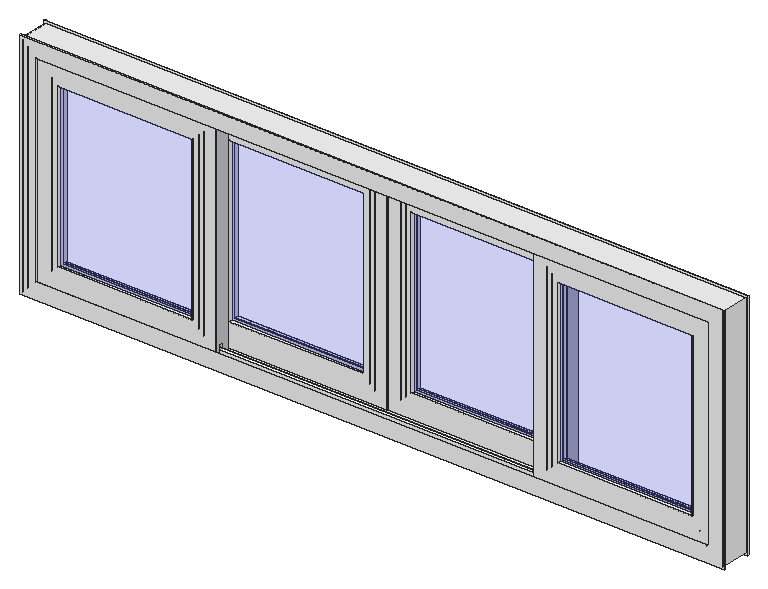
Revit family "1000_Sliding_Window_XXXX_Standard", category Windows, host Wall, Revit 2014
Parameters (values of type "1000SW-1806XXXX-1000Pa")
  Windload Design = if(Custom Windload < 1001 mm, 1000 mm, if(Custom Windload < 1501 mm, 1500 mm, 2000 mm))  # 1000 mm
  Width Sash Side [instance] = 462.2 mm
  Width Sash Middle [instance] = 462.2 mm
  Width = if(Custom Window Width < Limit Window Width Min, Limit Window Width Min, if(Custom Window Width > Limit Window Width Max, Limit Window Width Max, Custom Window Width))  # 1790 mm
  Wall Thickness [instance] = 200 mm
  URL = "http://www.crealco.co.za/crealco-products.php"
  Thermal Resistance (R) [instance] = if(IGDB or SAGDB Number = 1000015, 1.0000 (m²·K)/W / Clearvue U Value, if(IGDB or SAGDB Number = 9922, 1.0000 (m²·K)/W / Energy Advantage U Value, if(IGDB or SAGDB Number = 100100, 1.0000 (m²·K)/W / Intruderprufe U Value, if(IGDB or SAGDB Number = 103200, 1.0000 (m²·K)/W / Intruderprufe LowE U Value, 1.0000 (m²·K)/W / 7.9)))) * 1  # 0.126582 (m²·K)/W
  Standard Interlocker = not(Heavy Duty Interlocker)  # yes
  Solar Heat Gain Coefficient [instance] = if(IGDB or SAGDB Number = 1000015, Clearvue SHGC Value, if(IGDB or SAGDB Number = 9922, Energy Advantage SHGC Value, if(IGDB or SAGDB Number = 100100, Intruderprufe SHGC Value, if(IGDB or SAGDB Number = 103200, Intruderprufe LowE SHGC Value, 0))))  # 0
  Sash Width Middle = (Width - (28.7 mm * 2) - (2 * Sash Width Sides)) / 2 + 58.1 mm  # 462.2 mm
  Sash Width Sides = if(Equal Sash Width, (Width - (2 mm * 28.7)) / 4 + (58.1 mm / 2), if(Custom Sash Width Side < Limit Sash Width Side Min, Limit Sash Width Side Min, if(Custom Sash Width Side > Limit Sash Width Side Max, Limit Sash Width Side Max, Custom Sash Width Side)))  # 462.2 mm
  Sash Height = Height - (2 mm * 28.7)  # 532.6 mm
  Sash Frame Seal = 2 mm  # constant formula
  Overall Width [instance] = 1790 mm
  Overall Height [instance] = 590 mm
  Model = "1000"  # constant formula
  Max Pane Area = if(Area Middle Sash Glazing > Area Side Sash Glazing, Area Middle Sash Glazing, Area Side Sash Glazing)  # 0.156211 m²
  Manufacturer = "Crealco"  # constant formula
  Limit Window Width Min = (4 * Limit Sash Width Min) + (2 mm * 28.7) - (2 * 58.8 mm) + 1.2 mm  # 1141 mm
  Limit Window Width Max = (4 * Limit Sash Width Max) + (2 mm * 28.7) - (2 * 58.8 mm) + 1.2 mm  # 5941 mm
  Limit Window Height Min = Limit Sash Height Min + (2 mm * 28.7)  # 357.4 mm
  Limit Window Height Max = Limit Sash Height Max + (2 mm * 28.7)  # 1857.4 mm
  Limit Sash Width Min = 300 mm  # constant formula
  Limit Sash Width Max = 1500 mm  # constant formula
  Limit Sash Width Side Min = if((Width - (2 mm * 28.7) - (2 * Limit Sash Width Max) + (2 * 58.8 mm) - 1.2 mm) / 2 < Limit Sash Width Min, Limit Sash Width Min, (Width - (2 mm * 28.7) - (2 * Limit Sash Width Max) + (2 * 58.8 mm) - 1.2 mm) / 2)  # 300 mm
  Limit Sash Width Side Max = if((Width - (2 mm * 28.7) - (2 * Limit Sash Width Min) + (2 * 58.8 mm) - 1.2 mm) / 2 > Limit Sash Width Max, Limit Sash Width Max, (Width - (2 mm * 28.7) - (2 * Limit Sash Width Min) + (2 * 58.8 mm) - 1.2 mm) / 2)  # 624.5 mm
  Limit Sash Height Min = 300 mm  # constant formula
  Limit Sash Height Max = 1800 mm  # constant formula
  Is Heavy Duty Mullion = if(Windload Design = 1000 mm, if(and(Width > 2390 mm, Height > 1490 mm), 1 mm, 0 mm), if(Windload Design = 1500 mm, if(Height > 1490 mm, 1 mm, 0 mm), if(and(Width > 2090 mm, Height > 1190 mm), 1 mm, 0 mm)))  # 0 mm
  Is Heavy Duty Handle = if(Windload Design = 1000 mm, if(Height > 1490 mm, 1 mm, 0 mm), if(Windload Design = 1500 mm, if(or(Height > 1490 mm, and(Width > 2390 mm, Height > 1190 mm)), 1 mm, 0 mm), if(and(Width > 1790 mm, Height > 1190 mm), 1 mm, 0 mm)))  # 0 mm
  Intruderprufe U Value = 6.29
  Intruderprufe SHGC Value = 0.474
  Intruderprufe LowE U Value = 5.34
  Intruderprufe LowE SHGC Value = 0.415
  IGDB or SAGDB Number [instance] = 0
  Height Sash [instance] = 532.6 mm
  Height = if(Custom Window Height < Limit Window Height Min, Limit Window Height Min, if(Custom Window Height > Limit Window Height Max, Limit Window Height Max, Custom Window Height))  # 590 mm
  Heavy Duty Interlocker = if(Is Heavy Duty Mullion = 1 mm, 1 = 1, 1 = 0)  # no
  Heavy Duty Handle Gap = 25.5 mm  # constant formula
  Heavy Duty Handle = if(Is Heavy Duty Handle = 1 mm, 1 = 1, 1 = 0)  # no
  Heat Transfer Coefficient (U) [instance] = if(IGDB or SAGDB Number = 1000015, Clearvue U Value, if(IGDB or SAGDB Number = 9922, Energy Advantage U Value, if(IGDB or SAGDB Number = 100100, Intruderprufe U Value, if(IGDB or SAGDB Number = 103200, Intruderprufe LowE U Value, 7.9)))) * 1.0000 W/(m²·K)  # 7.9000 W/(m²·K)
  Glazing Thickness [instance] = if(IGDB or SAGDB Number = 1000015, 4 mm, if(IGDB or SAGDB Number = 9922, 4 mm, if(IGDB or SAGDB Number = 100100, 6 mm, if(IGDB or SAGDB Number = 103200, 7 mm, if(not(Max Pane Area > 0.75 m²), 4 mm, if(not(Max Pane Area > 1.50 m²), 4 mm, if(not(Max Pane Area > 2.10 m²), 5 mm, if(not(Max Pane Area > 2.90 m²), 6.4 mm, if(not(Max Pane Area > 4.30 m²), 8 mm, 10 mm)))))))))  # 4 mm
  Glazing Material [instance] = if(IGDB or SAGDB Number = 1000015, "PFG CLEARVUE 4mm", if(IGDB or SAGDB Number = 9922, "PFG ENERGY ADVANTAGE 4mm LOW-E", if(IGDB or SAGDB Number = 100100, "PFG INTRUDERPRUFE 6.38mm", if(IGDB or SAGDB Number = 103200, "PFG INTRUDERPRUFE LOW-E 7.38mm", "Unknown"))))  # "Unknown"
  Glazing Finish [instance] = Glass
  Glazing Code [instance] = if(IGDB or SAGDB Number = 1000015, "CF4", if(IGDB or SAGDB Number = 9922, "CF4E", if(IGDB or SAGDB Number = 100100, "LAM01", if(IGDB or SAGDB Number = 103200, "LAM01E", "Unknown"))))  # "Unknown"
  Frame Thickness = 75.7 mm  # constant formula
  Frame Offset From Exterior [instance] = Frame Thickness / 2  # 37.85 mm
  Equal Sash Width = yes
  Energy Advantage U Value = 5.39
  Energy Advantage SHGC Value = 0.448
  Description = "Sliding window, XXXX"  # constant formula
  Default Sill Height = 800 mm
  Wall Closure = By host
  Custom Window Width = 1790 mm
  Custom Window Height = 590 mm
  Custom Windload = 1000 mm
  Custom Sash Width Side = 800 mm
  Custom Frame Offset From Exterior = 0 mm
  Clearvue U Value = 6.41
  Clearvue SHGC Value = 0.498
  Centered In Wall = yes
  Area Middle Sash Glazing = (Sash Width Middle - (50.3 mm * 2)) * (Sash Height - (50.3 mm * 2))  # 0.156211 m²
  Area Side Sash Glazing = (Sash Width Sides - (50.3 mm * 2)) * (Sash Height - (50.3 mm * 2))  # 0.156211 m²
  Aluminium Finish [instance] = White Powder Coated Aluminium ANP 1052
  All Available Glazing Numbers [instance] = "The rows below list the available glazing materials for this window:"  # constant formula
  9922 [instance] = "CF4E"  # constant formula
  103200 [instance] = "LAM01E"  # constant formula
  100100 [instance] = "LAM01"  # constant formula
  1000015 [instance] = "CF4"  # constant formula
Reference planes
  plane 1 "Center (Front/Back)": y = 0
  plane 2 "Center (Left/Right)": x = 0
  plane 3 "Left": x = -895
  plane 4 "Right": x = 895
  plane 5 "Sill": z = 800
  plane 6 "Head": z = 1390
  plane 7 "Exterior": y = 100
  plane 8 "Interior": y = -100
Lines and regions (mm)
  Opening 1
    outline origin (3500, -100, 0) x (1, 0, 0) y (0, 0, 1)
      loop
        line (-2605, 800) -> (-2605, 1390) -> (-4395, 1390) -> (-4395, 800) -> (-2605, 800)
Text (mm)
  text "EXTERIOR" at (-1963.203, 1332.353, 0), in view "Ref. Level"
  text "INTERIOR" at (-1981.466, -818.386, 0), in view "Ref. Level"
  text "Exterior" at (0, 923.751, 2943.296), in view "Right"
  text "Exterior" at (0, 1040.484, 2685.409), in view "Left"
Dimensions and locks
  equal spacing: plane 3 "Left", plane 2 "Center (Left/Right)", plane 4 "Right"
  "Width": plane 3 "Left" to plane 4 "Right"
  "Height": plane 5 "Sill" to plane 6 "Head"
  "Default Sill Height": plane 5 "Sill" to level
  locked: plane 7 "Exterior" to host wall at 0
  locked: plane 8 "Interior" to host wall
  "Overall Height": plane 6 "Head" to plane 5 "Sill"
  "Overall Width": plane 3 "Left" to plane 4 "Right"
  "Frame Offset From Exterior": host wall to nested 1
  "Sash Frame Seal": nested 1 to nested 3
  "Sash Frame Seal": nested 2 to nested 1
  "Width Sash Middle": nested 3 to nested 3
  "Width Sash Side": nested 2 to nested 2
  "Height Sash": nested 3 to nested 3
  "Heavy Duty Handle Gap": nested 14 to nested 3
  "Heavy Duty Handle Gap": nested 9 to nested 15
  "Wall Thickness": host wall to host wall
  aligned and locked: nested 1 to nested 3
  aligned and locked: nested 2 to nested 1  (x2)
  aligned and locked: nested 1 to plane 6 "Head"
  aligned and locked: nested 1 to plane 4 "Right"
  aligned and locked: nested 4 to nested 3  (x3)
  aligned and locked: nested 5 to nested 2
  aligned and locked: nested 2 to nested 5
  aligned and locked: nested 7 to nested 2  (x2)
  aligned and locked: nested 2 to nested 7
  aligned and locked: nested 6 to nested 3  (x3)
  aligned and locked: nested 7 to nested 5
  aligned and locked: nested 2 to nested 3
  aligned and locked: nested 10 to nested 9  (x3)
  aligned and locked: nested 11 to nested 8
  aligned and locked: nested 8 to nested 11
  aligned and locked: nested 13 to nested 8  (x2)
  aligned and locked: nested 8 to nested 13
  aligned and locked: nested 12 to nested 9  (x3)
  aligned and locked: nested 13 to nested 11
  aligned and locked: nested 8 to nested 9
  aligned and locked: nested 8 to nested 1
  aligned and locked: nested 13 to nested 1
  aligned and locked: nested 1 to nested 9
  aligned and locked: nested 3 to nested 14  (x2)
  aligned and locked: nested 15 to nested 9  (x2)
  aligned and locked: nested 16 to nested 3
  aligned and locked: nested 16 to nested 14
  aligned and locked: nested 16 to nested 9
Automatic sketch dimensions
  plane 3 "Left" to Opening 1 sketch curve = 0 mm
  plane 4 "Right" to Opening 1 sketch curve = 0 mm
  Opening 1 sketch curve to plane 5 "Sill" = 0 mm
  Opening 1 sketch curve to plane 6 "Head" = 0 mm
Nested families
  nested 1: "1000_Outer_Frame_With_Lip_XXXX_Std" at (-895, -37.85, 800) x (-1, 0, 0) z (0, 0, 1), Width <- "Width", Height <- "Height", Profile Material <- "Aluminium Finish", type "1000_Outer_Frame_With_Lip_XXXX_Std"
    with Width 1790 mm, Profile Material White Powder Coated Aluminium ANP 1052, Height 590 mm
  nested 2: "1000_Sash_SG_XXXX_Std" at (-404.099, -2.15, 828.699), Sash Height <- "Sash Height", Sash Width <- "Sash Width Sides", Profile Material <- "Aluminium Finish", Glazing Thickness <- "Glazing Thickness", Glazing Material <- "Glazing Finish", type "1000_Sash_SG_XXXX_Std"
    with Sash Width 462.2 mm, Sash Height 532.6 mm, Right Sliding no, Profile Material White Powder Coated Aluminium ANP 1052, Length Arrow Tip 36.525 mm, Length Arrow 120.533 mm, Left Sliding yes, Is Sliding yes, Glazing Thickness 4 mm, Glazing Start -2 mm, Glazing Material Glass, Glazing End 2 mm, Arrow Tip Length 36.525 mm, Arrow Left Gap 170.833 mm, Arrow Bottom Gap 266.3 mm
  nested 3: "1000_Sash_SG_XXXX_Std" at (-0.599, 37.85, 828.699), Sash Height <- "Sash Height", Sash Width <- "Sash Width Middle", Profile Material <- "Aluminium Finish", Glazing Thickness <- "Glazing Thickness", Glazing Material <- "Glazing Finish", type "1000_Sash_SG_XXXX_Std"
    with Sash Width 462.2 mm, Sash Height 532.6 mm, Right Sliding yes, Profile Material White Powder Coated Aluminium ANP 1052, Length Arrow Tip 36.525 mm, Length Arrow 120.533 mm, Left Sliding no, Is Sliding yes, Glazing Thickness 4 mm, Glazing Start -2 mm, Glazing Material Glass, Glazing End 2 mm, Arrow Tip Length 36.525 mm, Arrow Left Gap 170.833 mm, Arrow Bottom Gap 266.3 mm
  nested 4: "1000_Clip_On_Interlocker_XXXX_Std" at (-431.799, 1.55, 828.699) x (0, 1, 0) z (0, 0, 1), Clip On Interlocker Length <- "Sash Height", visible <- "Standard Interlocker", type "1000_Clip_On_Interlocker_XXXX_Std"
    with Profile Material none, Clip On Interlocker Length 532.6 mm
  nested 5: "1000_Clip_On_Interlocker_XXXX_Std" at (-435.099, 6.15, 828.699) x (0, -1, 0) z (0, 0, 1), Clip On Interlocker Length <- "Sash Height", visible <- "Standard Interlocker", type "1000_Clip_On_Interlocker_XXXX_Std"
    with Profile Material none, Clip On Interlocker Length 532.6 mm
  nested 6: "1000_Heavy_Duty_Interlocker_XXXX_Std" at (-313.814, -185.916, 828.699) x (0, 1, 0) z (0, 0, 1), visible <- "Heavy Duty Interlocker", Profile Material <- "Aluminium Finish", Heavy Duty Interlocker Length <- "Sash Height", type "1000_Heavy_Duty_Interlocker_XXXX_Std"
    with Profile Material White Powder Coated Aluminium ANP 1052, Heavy Duty Interlocker Length 532.6 mm, Heavy Duty Interlocker yes
  nested 7: "1000_Heavy_Duty_Interlocker_XXXX_Std" at (-553.084, 193.616, 828.699) x (0, -1, 0) z (0, 0, 1), visible <- "Heavy Duty Interlocker", Profile Material <- "Aluminium Finish", Heavy Duty Interlocker Length <- "Sash Height", type "1000_Heavy_Duty_Interlocker_XXXX_Std"
    with Profile Material White Powder Coated Aluminium ANP 1052, Heavy Duty Interlocker Length 532.6 mm, Heavy Duty Interlocker yes
  nested 8: "1000_Sash_SG_XXXX_Std" at (404.099, -2.15, 828.699) x (-1, 0, 0) z (0, 0, 1), Sash Height <- "Sash Height", Sash Width <- "Sash Width Sides", Profile Material <- "Aluminium Finish", Glazing Thickness <- "Glazing Thickness", Glazing Material <- "Glazing Finish", type "1000_Sash_SG_XXXX_Std"
    with Sash Width 462.2 mm, Sash Height 532.6 mm, Right Sliding no, Profile Material White Powder Coated Aluminium ANP 1052, Length Arrow Tip 36.525 mm, Length Arrow 120.533 mm, Left Sliding yes, Is Sliding yes, Glazing Thickness 4 mm, Glazing Start -2 mm, Glazing Material Glass, Glazing End 2 mm, Arrow Tip Length 36.525 mm, Arrow Left Gap 170.833 mm, Arrow Bottom Gap 266.3 mm
  nested 9: "1000_Sash_SG_XXXX_Std" at (0.599, 37.85, 828.699) x (-1, 0, 0) z (0, 0, 1), Sash Height <- "Sash Height", Sash Width <- "Sash Width Middle", Profile Material <- "Aluminium Finish", Glazing Thickness <- "Glazing Thickness", Glazing Material <- "Glazing Finish", type "1000_Sash_SG_XXXX_Std"
    with Sash Width 462.2 mm, Sash Height 532.6 mm, Right Sliding yes, Profile Material White Powder Coated Aluminium ANP 1052, Length Arrow Tip 36.525 mm, Length Arrow 120.533 mm, Left Sliding no, Is Sliding yes, Glazing Thickness 4 mm, Glazing Start -2 mm, Glazing Material Glass, Glazing End 2 mm, Arrow Tip Length 36.525 mm, Arrow Left Gap 170.833 mm, Arrow Bottom Gap 266.3 mm
  nested 10: "1000_Clip_On_Interlocker_XXXX_Std" at (431.799, 1.55, 828.699) x (0, 1, 0) z (0, 0, 1), Clip On Interlocker Length <- "Sash Height", visible <- "Standard Interlocker", type "1000_Clip_On_Interlocker_XXXX_Std"
    with Profile Material none, Clip On Interlocker Length 532.6 mm
  nested 11: "1000_Clip_On_Interlocker_XXXX_Std" at (435.099, 6.15, 828.699) x (0, -1, 0) z (0, 0, 1), Clip On Interlocker Length <- "Sash Height", visible <- "Standard Interlocker", type "1000_Clip_On_Interlocker_XXXX_Std"
    with Profile Material none, Clip On Interlocker Length 532.6 mm
  nested 12: "1000_Heavy_Duty_Interlocker_XXXX_Std" at (313.814, -185.916, 828.699) x (0, 1, 0) z (0, 0, 1), visible <- "Heavy Duty Interlocker", Profile Material <- "Aluminium Finish", Heavy Duty Interlocker Length <- "Sash Height", type "1000_Heavy_Duty_Interlocker_XXXX_Std"
    with Profile Material White Powder Coated Aluminium ANP 1052, Heavy Duty Interlocker Length 532.6 mm, Heavy Duty Interlocker yes
  nested 13: "1000_Heavy_Duty_Interlocker_XXXX_Std" at (553.084, 193.616, 828.699) x (0, -1, 0) z (0, 0, 1), visible <- "Heavy Duty Interlocker", Profile Material <- "Aluminium Finish", Heavy Duty Interlocker Length <- "Sash Height", type "1000_Heavy_Duty_Interlocker_XXXX_Std"
    with Profile Material White Powder Coated Aluminium ANP 1052, Heavy Duty Interlocker Length 532.6 mm, Heavy Duty Interlocker yes
  nested 14: "1000_Heavy_Duty_Handle_And_Cap_XXXX_Std" at (-49.097, 31.821, 828.699), visible <- "Heavy Duty Handle", Profile Material <- "Aluminium Finish", Length Heavy Duty Handle <- "Sash Height", type "1000_Heavy_Duty_Handle_And_Cap_XXXX_Std"
    with Profile Material White Powder Coated Aluminium ANP 1052, Length Heavy Duty Handle 532.6 mm, Heavy Duty Handle yes
  nested 15: "1000_Heavy_Duty_Handle_And_Cap_XXXX_Std" at (12.101, 31.821, 828.699), visible <- "Heavy Duty Handle", Profile Material <- "Aluminium Finish", Length Heavy Duty Handle <- "Sash Height", type "1000_Heavy_Duty_Handle_And_Cap_XXXX_Std"
    with Profile Material White Powder Coated Aluminium ANP 1052, Length Heavy Duty Handle 532.6 mm, Heavy Duty Handle yes
  nested 16: "1000_Astragal_XXXX_Std" at (-7.522, 9.586, 828.699), Profile Material <- "Aluminium Finish", Astragal Length <- "Sash Height", type "1000_Astragal_XXXX_Std"
    with Profile Material White Powder Coated Aluminium ANP 1052, Astragal Length 532.6 mm
Definition of nested family "1000_Outer_Frame_With_Lip_XXXX_Std"
  Parameters (values of type "1000_Outer_Frame_With_Lip")
    Width [instance] = 1200 mm
    Profile Material [instance] = none
    Height [instance] = 1800 mm
  Reference planes
    plane 1 "Center (Front/Back)": y = 0
    plane 2: z = 0
    plane 3 "Center (Left/Right)": x = 0
  Forms (mm)
    Sweep 1, solid, material <- "Profile Material"
      path origin (0, 0, 0) x (1, 0, 0) y (0, 0, 1)
        loop
          line (0, 0) -> (0, 1800) -> (-1200, 1800) -> (-1200, 0) -> (0, 0)
      profile origin (-600, 0, 0) x (0, 0, -1) y (0, -1, 0)
        loop
          line (0, 0) -> (0, 1.4) -> (-4.241, 1.4) -> (-4.241, 42) -> (-4.241, 74.3) -> (0, 74.3) -> (0, 75.7) -> (-18.001, 75.7) -> (-18.001, 67.7) -> (-38.001, 67.7) -> (-39.788, 62.338) -> (-39.788, 61.062) -> (-38.001, 55.7) -> (-28.701, 55.7) -> (-28.701, 57.1) -> (-36.887, 57.1) -> (-37.885, 60.095) -> (-37.885, 63.305) -> (-36.887, 66.3) -> (-18.001, 66.3) -> (-18.001, 17.1) -> (-36.887, 17.1) -> (-37.885, 20.095) -> (-37.885, 23.305) -> (-36.887, 26.3) -> (-28.701, 26.3) -> (-28.701, 27.7) -> (-38.001, 27.7) -> (-39.788, 22.338) -> (-39.788, 21.062) -> (-38.001, 15.7) -> (-18.001, 15.7) -> (-18.001, 1.4) -> (-39.751, 1.4) -> (-39.751, 0) -> (0, 0)
        loop
          line (-5.641, 74.3) -> (-16.601, 74.3) -> (-16.601, 1.4) -> (-5.641, 1.4) -> (-5.641, 74.3)
  Lines and regions (mm)
    model lines
      curve 1: line (-1200, -75.7, 1800) -> (-1181.999, -75.7, 1781.999)
      curve 2: line (-18.001, -75.7, 1781.999) -> (0, -75.7, 1800)
      curve 3: line (0, -75.7, 0) -> (-18.001, -75.7, 18.001)
      curve 4: line (-1181.999, -75.7, 18.001) -> (-1200, -75.7, 0)
      curve 5: line (-1181.999, -67.7, 18.001) -> (-1161.999, -67.7, 38.001)
      curve 6: line (-38.001, -67.7, 38.001) -> (-18.001, -67.7, 18.001)
      curve 7: line (-18.001, -67.7, 1781.999) -> (-38.001, -67.7, 1761.999)
      curve 8: line (-1181.999, -67.7, 1781.999) -> (-1161.999, -67.7, 1761.999)
      curve 9: line (0, 0, 1800) -> (-39.788, 0, 1760.212)
      curve 10: line (-1200, 0, 1800) -> (-1160.249, 0, 1760.249)
      curve 11: line (-1200, 0, 0) -> (-1160.249, 0, 39.751)
      curve 12: line (0, 0, 0) -> (-39.788, 0, 39.788)
  Dimensions and locks
    "Width": Sweep 1 sketch curve to Sweep 1 sketch curve
    "Height": Sweep 1 sketch curve to Sweep 1 sketch curve
    aligned and locked: level to plane 2
  Automatic sketch dimensions
    Sweep 1 sketch curve to plane 1 "Center (Front/Back)" = 0 mm
    Sweep 1 sketch curve to profile plane = 0 mm  (x2)
    Sweep 1 sketch curve to Sweep 1 sketch curve = 4.241 mm
    Sweep 1 sketch curve to Sweep 1 sketch curve = 1.4 mm  (x8)
    plane 1 "Center (Front/Back)" to Sweep 1 sketch curve = 1.4 mm  (x2)
    Sweep 1 sketch curve to Sweep 1 sketch curve = 10.96 mm
    Sweep 1 sketch curve to Sweep 1 sketch curve = 0 mm  (x3)
    Sweep 1 sketch curve to Sweep 1 sketch curve = 10.7 mm  (x2)
    Sweep 1 sketch curve to Sweep 1 sketch curve = 8.186 mm  (x4)
    plane 1 "Center (Front/Back)" to Sweep 1 sketch curve = 17.1 mm
    Sweep 1 sketch curve to Sweep 1 sketch curve = 0.998 mm  (x2)
    Sweep 1 sketch curve to Sweep 1 sketch curve = 1.114 mm  (x4)
    Sweep 1 sketch curve to Sweep 1 sketch curve = 1.75 mm
    Sweep 1 sketch curve to Sweep 1 sketch curve = 1.904 mm  (x2)
    Sweep 1 sketch curve to Sweep 1 sketch curve = 2.995 mm  (x4)
    Sweep 1 sketch curve to Sweep 1 sketch curve = 0.967 mm  (x4)
    Sweep 1 sketch curve to Sweep 1 sketch curve = 1.276 mm  (x2)
    Sweep 1 sketch curve to Sweep 1 sketch curve = 14.3 mm
    Sweep 1 sketch curve to Sweep 1 sketch curve = 28 mm
    Sweep 1 sketch curve to Sweep 1 sketch curve = 6.6 mm
    curve 3 to Sweep 1 = 0 mm  (x3)
    Sweep 1 to curve 3 = 0 mm
    curve 2 to Sweep 1 = 0 mm  (x4)
    curve 1 to Sweep 1 = 0 mm  (x4)
    curve 4 to Sweep 1 = 0 mm  (x3)
    Sweep 1 to curve 4 = 0 mm
    curve 7 to Sweep 1 = 0 mm  (x4)
    curve 6 to Sweep 1 = 0 mm  (x3)
    Sweep 1 to curve 6 = 0 mm
    curve 5 to Sweep 1 = 0 mm  (x3)
    Sweep 1 to curve 5 = 0 mm
    curve 8 to Sweep 1 = 0 mm  (x4)
    curve 12 to Sweep 1 = 0 mm  (x2)
    curve 9 to Sweep 1 = 0 mm
    Sweep 1 to curve 9 = 0 mm
    curve 11 to Sweep 1 = 0 mm  (x4)
    curve 10 to Sweep 1 = 0 mm  (x3)
    Sweep 1 to curve 10 = 0 mm
    curve 12 to Sweep 1 = 0.037 mm  (x2)
    curve 9 to Sweep 1 = 0.037 mm  (x2)
    Sweep 1 sketch curve to level = 0 mm
    Sweep 1 sketch curve to plane 3 "Center (Left/Right)" = 0 mm
Definition of nested family "1000_Sash_SG_XXXX_Std"
  Parameters (values of type "1000_Sash_SG")
    Sash Width [instance] = 450 mm
    Sash Height [instance] = 600 mm
    Right Sliding [instance] = yes
    Profile Material [instance] = White Powder Coated Aluminium ANP 1052
    Length Arrow Tip [instance] = Length Arrow / 3.3  # 35.293 mm
    Length Arrow [instance] = (Sash Width - (2 * 50.3 mm)) / 3  # 116.467 mm
    Left Sliding [instance] = yes
    Is Sliding [instance] = if(or(Right Sliding, Left Sliding), 1 = 1, 1 = 2)  # yes
    Glazing Thickness [instance] = 6.4 mm
    Glazing Start [instance] = -Glazing Thickness / 2  # -3.2 mm
    Glazing Material [instance] = Glass
    Glazing Frame Gap = 5 mm  # constant formula
    Glazing End [instance] = Glazing Thickness / 2  # 3.2 mm
    Arrow Tip Length [instance] = if((Sash Height - (2 * 50.3 mm)) / 8 > Length Arrow / 3.3, Length Arrow / 3.3, (Sash Height - (2 * 50.3 mm)) / 8)  # 35.293 mm
    Arrow Tip Angle = 45.00°
    Arrow Left Gap [instance] = (Sash Width - Length Arrow) / 2  # 166.767 mm
    Arrow Bottom Gap [instance] = Sash Height / 2  # 300 mm
  Reference planes
    plane 1 "Center (Front/Back)": y = 0
    plane 2: z = 0
    plane 3 "Center (Left/Right)": x = 0
    plane 4: y = -14
  Forms (mm)
    Sweep 1, solid, material "White Powder Coated Aluminium ANP 1052" <- "Profile Material"
      path origin (0, 0, 0) x (1, 0, 0) y (0, 0, 1)
        loop
          line (0, 0) -> (0, 600) -> (-450, 600) -> (-450, 0) -> (0, 0)
      profile origin (-225, 0, 0) x (0, 0, -1) y (0, -1, 0)
        loop
          line (-60, 0) -> (0, 0) -> (0, 6) -> (-1.3, 6) -> (-1.3, 1.3) -> (-31.5, 1.3) -> (-31.5, 5) -> (-30, 5) -> (-30, 23) -> (-31.5, 23) -> (-31.5, 26.7) -> (-1.3, 26.7) -> (-1.3, 22) -> (0, 22) -> (0, 28) -> (-60, 28) -> (-60, 20) -> (-58.7, 20) -> (-58.7, 26.7) -> (-45.3, 26.7) -> (-45.3, 1.3) -> (-58.7, 1.3) -> (-58.7, 8) -> (-60, 8) -> (-60, 0)
        loop
          line (-44, 26.7) -> (-44, 1.3) -> (-33, 1.3) -> (-33, 6.3) -> (-31.5, 6.3) -> (-31.5, 21.7) -> (-33, 21.7) -> (-33, 26.7) -> (-44, 26.7)
    Extrusion 2, solid, material "Glass" <- "Glazing Material"
      sketch origin (-1130, -14, 1200) x (-1, 0, 0) y (0, 0, 1)
        loop
          line (-730.3, -650.3) -> (-1079.7, -650.3) -> (-1079.7, -1149.7) -> (-730.3, -1149.7) -> (-730.3, -650.3)
      from -3.2 <- "Glazing Start" to 3.2 <- "Glazing End"
  Lines and regions (mm)
    model lines
      curve 1: line (-390, 0, 540) -> (-450, 0, 600)
      curve 2: line (-60, 0, 540) -> (0, 0, 600)
      curve 3: line (0, 0, 0) -> (-60, 0, 60)
      curve 4: line (-390, 0, 60) -> (-450, 0, 0)
      curve 5: line (-60, -28, 540) -> (0, -28, 600)
      curve 6: line (-390, -28, 540) -> (-450, -28, 600)
      curve 7: line (-450, -28, 0) -> (-390, -28, 60)
      curve 8: line (0, -28, 0) -> (-60, -28, 60)
    model lines, visible <- "Is Sliding"
      curve 9: line (-283.233, -10.8, 300) -> (-166.767, -10.8, 300)
    model lines, visible <- "Left Sliding"
      curve 10: line (-166.767, -10.8, 300) -> (-191.723, -10.8, 324.956)
      curve 11: line (-166.767, -10.8, 300) -> (-191.723, -10.8, 275.044)
    model lines, visible <- "Right Sliding"
      curve 12: line (-283.233, -10.8, 300) -> (-258.277, -10.8, 324.956)
      curve 13: line (-283.233, -10.8, 300) -> (-258.277, -10.8, 275.044)
  Dimensions and locks
    "Sash Width": Sweep 1 sketch curve to Sweep 1 sketch curve
    "Sash Height": Sweep 1 sketch curve to Sweep 1 sketch curve
    "Glazing Frame Gap": Sweep 1 to Extrusion 2 sketch curve
    "Glazing Frame Gap": Extrusion 2 sketch curve to Sweep 1  (x3)
    "Length Arrow": curve 9 to curve 9
    "Arrow Left Gap": plane 3 "Center (Left/Right)" to curve 9
    "Arrow Bottom Gap": level to curve 9
    "Arrow Tip Length": curve 11 to curve 10
    "Arrow Tip Length": curve 11 to curve 11
    "Length Arrow Tip": curve 13 to curve 13
    "Length Arrow Tip": curve 13 to curve 12
    "Arrow Tip Angle": angle curve 11 to curve 9
    "Arrow Tip Angle": angle curve 9 to curve 10
    "Arrow Tip Angle": angle curve 12 to curve 9
    "Arrow Tip Angle": angle curve 9 to curve 13
    aligned and locked: level to plane 2
  Automatic sketch dimensions
    curve 2 to Sweep 1 = 0 mm  (x4)
    curve 3 to Sweep 1 = 0 mm  (x3)
    Sweep 1 to curve 3 = 0 mm
    curve 1 to Sweep 1 = 0 mm  (x4)
    curve 4 to Sweep 1 = 0 mm  (x3)
    Sweep 1 to curve 4 = 0 mm
    curve 8 to Sweep 1 = 0 mm  (x4)
    curve 5 to Sweep 1 = 0 mm  (x3)
    Sweep 1 to curve 5 = 0 mm
    curve 7 to Sweep 1 = 0 mm  (x4)
    curve 6 to Sweep 1 = 0 mm  (x3)
    Sweep 1 to curve 6 = 0 mm
    Sweep 1 sketch curve to plane 1 "Center (Front/Back)" = 0 mm
    Sweep 1 sketch curve to profile plane = 0 mm  (x2)
    profile plane to Sweep 1 sketch curve = 1.3 mm
    Sweep 1 sketch curve to Sweep 1 sketch curve = 1.3 mm  (x7)
    Sweep 1 sketch curve to Sweep 1 sketch curve = 28.7 mm
    plane 1 "Center (Front/Back)" to Sweep 1 sketch curve = 1.3 mm  (x2)
    Sweep 1 sketch curve to Sweep 1 sketch curve = 1.5 mm  (x5)
    Sweep 1 sketch curve to Sweep 1 sketch curve = 11 mm
    Sweep 1 sketch curve to Sweep 1 sketch curve = 13.4 mm  (x2)
    Sweep 1 sketch curve to Sweep 1 sketch curve = 0 mm
    Sweep 1 sketch curve to Sweep 1 sketch curve = 3.7 mm
    Sweep 1 sketch curve to Sweep 1 sketch curve = 4.7 mm  (x2)
    Sweep 1 sketch curve to Sweep 1 sketch curve = 6.7 mm  (x2)
    Sweep 1 sketch curve to Sweep 1 sketch curve = 12 mm
    Sweep 1 sketch curve to Sweep 1 sketch curve = 15.4 mm
    Sweep 1 sketch curve to Sweep 1 sketch curve = 16 mm
    Sweep 1 sketch curve to Sweep 1 sketch curve = 5 mm
    Sweep 1 sketch curve to level = 0 mm
    Sweep 1 sketch curve to plane 3 "Center (Left/Right)" = 0 mm
Definition of nested family "1000_Clip_On_Interlocker_XXXX_Std"
  Parameters (values of type "1000_Clip_On_Interlocker")
    Profile Material [instance] = none
    Notch Width = 13.1 mm  # constant formula
    Notch Side Gap = 4.8 mm  # constant formula
    Notch Height = 20 mm  # constant formula
    Clip On Interlocker Length [instance] = 250 mm
  Reference planes
    plane 1 "Center (Front/Back)": y = 0
    plane 2: z = 0
    plane 3 "Center (Left/Right)": x = 0
  Forms (mm)
    Extrusion 1, solid, material <- "Profile Material"
      sketch origin (0, 0, 0) x (1, 0, 0) y (0, 1, 0)
        loop
          line (0, 32.2) -> (0, 24.6) -> (6.9, 24.6) -> (6.9, 10) -> (0, 10) -> (0, 0) -> (1.2, 0) -> (1.2, 8.8) -> (6.9, 8.8) -> (6.9, 5.7) -> (8.3, 5.7) -> (8.3, 25.8) -> (1.2, 25.8) -> (1.2, 31) -> (14.6, 31) -> (14.6, 24.5) -> (15.775, 24.5) -> (15.775, 31) -> (28.875, 31) -> (28.875, 24.5) -> (30, 24.5) -> (30, 31) -> (33.7, 31) -> (33.7, 32.2) -> (0, 32.2)
      from 0 to 250 <- "Clip On Interlocker Length"
    Extrusion 2, void
      sketch origin (33.075, 32.2, 0) x (1, 0, 0) y (0, 0, 1)
        loop
          line (-4.175, 250) -> (-17.275, 250) -> (-17.275, 230) -> (-4.175, 230) -> (-4.175, 250)
        loop
          line (-4.175, 0) -> (-4.175, 20) -> (-17.275, 20) -> (-17.275, 0) -> (-4.175, 0)
      from 0 to 2
  Cuts and joins
    Extrusion 2 cuts Extrusion 1
  Dimensions and locks
    "Notch Side Gap": Extrusion 1 to Extrusion 2 sketch curve  (x2)
    "Notch Width": Extrusion 2 sketch curve to Extrusion 2 sketch curve  (x2)
    "Notch Height": Extrusion 1 to Extrusion 2 sketch curve
    "Notch Height": Extrusion 2 sketch curve to Extrusion 1
    aligned and locked: level to plane 2
    aligned and locked: Extrusion 1 to Extrusion 2 sketch curve
    aligned and locked: Extrusion 2 sketch curve to Extrusion 1
  Automatic sketch dimensions
    Extrusion 1 sketch curve to plane 3 "Center (Left/Right)" = 0 mm  (x2)
    plane 1 "Center (Front/Back)" to Extrusion 1 sketch curve = 0 mm
    plane 3 "Center (Left/Right)" to Extrusion 1 sketch curve = 1.2 mm  (x2)
    Extrusion 1 sketch curve to Extrusion 1 sketch curve = 5.7 mm
    Extrusion 1 sketch curve to Extrusion 1 sketch curve = 0 mm  (x3)
    Extrusion 1 sketch curve to Extrusion 1 sketch curve = 1.4 mm
    Extrusion 1 sketch curve to Extrusion 1 sketch curve = 6.3 mm
    Extrusion 1 sketch curve to Extrusion 1 sketch curve = 1.175 mm
    Extrusion 1 sketch curve to Extrusion 1 sketch curve = 13.1 mm
    Extrusion 1 sketch curve to Extrusion 1 sketch curve = 1.125 mm
    Extrusion 1 sketch curve to Extrusion 1 sketch curve = 3.7 mm
    Extrusion 1 sketch curve to plane 1 "Center (Front/Back)" = 5.7 mm
    Extrusion 1 sketch curve to Extrusion 1 sketch curve = 3.1 mm
    Extrusion 1 sketch curve to Extrusion 1 sketch curve = 1.2 mm  (x3)
    Extrusion 1 sketch curve to Extrusion 1 sketch curve = 14.5 mm
    Extrusion 1 sketch curve to Extrusion 1 sketch curve = 14.6 mm
    Extrusion 1 sketch curve to Extrusion 1 sketch curve = 6.5 mm  (x2)
Definition of nested family "1000_Heavy_Duty_Interlocker_XXXX_Std"
  Parameters (values of type "1000_Heavy_Duty_Interlocker")
    Profile Material [instance] = none
    Notch Width = 13 mm  # constant formula
    Notch Side Gap = 15.8 mm  # constant formula
    Notch Height = 20 mm  # constant formula
    Heavy Duty Interlocker Length [instance] = 250 mm
    Heavy Duty Interlocker [instance] = yes
  Reference planes
    plane 1 "Center (Front/Back)": y = 0
    plane 2: z = 0
    plane 3 "Center (Left/Right)": x = 0
  Forms (mm)
    Extrusion 1, solid, material <- "Profile Material", visible <- "Heavy Duty Interlocker"
      sketch origin (374.931, 0, 0) x (-1, 0, 0) y (0, -1, 0)
        loop
          line (158.706, -148.985) -> (158.706, -145.885) -> (157.506, -145.885) -> (157.506, -148.985) -> (151.156, -148.985) -> (151.156, -122.127)
          arc (151.156, -122.127) -> (134.132, -124.551) -> (116.984, -123.281) r 80
          arc (116.984, -123.281) -> (104.109, -136.156) -> (116.984, -149.031) r 12.875
          arc (116.984, -149.031) -> (134.132, -147.761) -> (151.156, -150.185) r 80
          line (151.156, -150.185) -> (187.466, -150.185) -> (187.466, -139.985) -> (186.266, -139.985) -> (186.266, -142.585) -> (180.266, -142.585) -> (180.266, -127.985) -> (186.266, -127.985) -> (186.266, -130.585) -> (187.466, -130.585) -> (187.466, -117.985) -> (186.266, -117.985) -> (186.266, -126.785) -> (180.266, -126.785) -> (180.266, -123.685) -> (179.166, -123.685) -> (179.166, -143.785) -> (186.266, -143.785) -> (186.266, -148.985) -> (172.841, -148.985) -> (172.841, -145.885) -> (171.641, -145.885) -> (171.641, -148.985) -> (158.706, -148.985)
        loop
          arc (149.756, -124.533) -> (149.569, -124.143) -> (149.147, -124.045) r 0.5
          arc (149.147, -124.045) -> (141.472, -125.375) -> (133.704, -125.964) r 81.4
          arc (133.704, -125.964) -> (125.312, -125.766) -> (116.984, -124.704) r 81.4
          arc (116.984, -124.704) -> (105.532, -136.156) -> (116.984, -147.608) r 11.452
          arc (116.984, -147.608) -> (125.312, -146.546) -> (133.704, -146.347) r 81.4
          arc (133.704, -146.347) -> (141.472, -146.937) -> (149.147, -148.266) r 81.4
          arc (149.147, -148.266) -> (149.569, -148.169) -> (149.756, -147.778) r 0.5
          line (149.756, -147.778) -> (149.756, -124.533)
      from 0 to 250 <- "Heavy Duty Interlocker Length"
    Extrusion 2, void
      sketch origin (187.466, 150.185, 0) x (-1, 0, 0) y (0, 0, -1)
        loop
          line (-15.825, -250) -> (-15.825, -230) -> (-28.76, -230) -> (-28.76, -250) -> (-15.825, -250)
        loop
          line (-15.825, 0) -> (-28.76, 0) -> (-28.76, -20) -> (-15.825, -20) -> (-15.825, 0)
      from 0 to 250
  Cuts and joins
    Extrusion 2 cuts Extrusion 1
  Dimensions and locks
    "Notch Height": Extrusion 2 sketch curve to Extrusion 1
    "Notch Height": Extrusion 1 to Extrusion 2 sketch curve
    aligned and locked: level to plane 2
  Automatic sketch dimensions
    Extrusion 1 sketch curve to Extrusion 1 sketch curve = 0 mm  (x22)
    plane 1 "Center (Front/Back)" to Extrusion 1 sketch curve = 136.156 mm
    Extrusion 1 sketch curve to plane 3 "Center (Left/Right)" = 257.947 mm
    Extrusion 1 sketch curve to Extrusion 1 sketch curve = 14.448 mm  (x2)
    plane 1 "Center (Front/Back)" to Extrusion 1 sketch curve = 44.596 mm
    Extrusion 1 sketch curve to Extrusion 1 sketch curve = 32.272 mm
    Extrusion 1 sketch curve to Extrusion 1 sketch curve = 0.5 mm
    Extrusion 1 sketch curve to Extrusion 1 sketch curve = 1.4 mm
    Extrusion 1 sketch curve to Extrusion 1 sketch curve = 6.35 mm
    Extrusion 1 sketch curve to Extrusion 1 sketch curve = 1.2 mm  (x7)
    Extrusion 1 sketch curve to Extrusion 1 sketch curve = 12.935 mm
    Extrusion 1 sketch curve to Extrusion 1 sketch curve = 6.325 mm
    Extrusion 1 sketch curve to Extrusion 1 sketch curve = 1.1 mm
    Extrusion 1 sketch curve to Extrusion 1 sketch curve = 6 mm  (x2)
    Extrusion 1 sketch curve to Extrusion 1 sketch curve = 18.171 mm
    Extrusion 1 sketch curve to Extrusion 1 sketch curve = 4.142 mm
    Extrusion 1 sketch curve to Extrusion 1 sketch curve = 5.7 mm
    Extrusion 1 sketch curve to Extrusion 1 sketch curve = 2.407 mm
    Extrusion 1 sketch curve to Extrusion 1 sketch curve = 3.1 mm  (x2)
    Extrusion 1 sketch curve to Extrusion 1 sketch curve = 2.6 mm  (x2)
    Extrusion 1 sketch curve to Extrusion 1 sketch curve = 9.4 mm
    Extrusion 1 sketch curve to Extrusion 1 sketch curve = 2.1 mm
    Extrusion 1 sketch curve to Extrusion 1 sketch curve = 1.893 mm
    Extrusion 1 sketch curve to Extrusion 1 sketch curve = 5.2 mm
    Extrusion 1 sketch curve to Extrusion 1 sketch curve = 15.443 mm  (x2)
    Extrusion 2 sketch curve to Extrusion 1 = 0 mm  (x2)
    Extrusion 2 sketch curve to Extrusion 1 = 7.55 mm  (x2)
    Extrusion 2 sketch curve to Extrusion 2 sketch curve = 12.935 mm  (x2)
Definition of nested family "1000_Heavy_Duty_Handle_And_Cap_XXXX_Std"
  Parameters (values of type "1000_Heavy_Duty_Handle_And_Cap")
    Profile Material [instance] = none
    Length Heavy Duty Handle [instance] = 250 mm
    Heavy Duty Handle [instance] = yes
  Reference planes
    plane 1 "Center (Front/Back)": y = 0
    plane 2: z = 0
    plane 3 "Center (Left/Right)": x = 0
  Forms (mm)
    Extrusion 1, solid, material <- "Profile Material", visible <- "Heavy Duty Handle"
      sketch origin (0, 0, 0) x (1, 0, 0) y (0, 1, 0)
        loop
          arc (29.13, 14.529) -> (29.706, 10.964) -> (30.44, 7.429) r 81.501
          line (30.44, 7.429) -> (22.998, 7.429) -> (22.998, 6.029) -> (32.323, 6.029)
          arc (32.323, 6.029) -> (29.962, 21.589) -> (30.693, 37.311) r 80
          arc (30.693, 37.311) -> (30.581, 43.775) -> (28.413, 49.865) r 20
          arc (28.413, 49.865) -> (18.498, 55.717) -> (8.583, 49.865) r 11.325
          arc (8.583, 49.865) -> (6.415, 43.775) -> (6.303, 37.311) r 20
          arc (6.303, 37.311) -> (7.034, 21.589) -> (4.673, 6.029) r 80
          line (4.673, 6.029) -> (13.998, 6.029) -> (13.998, 7.429) -> (6.556, 7.429)
          arc (6.556, 7.429) -> (7.289, 10.964) -> (7.866, 14.529) r 81.5
          line (7.866, 14.529) -> (29.13, 14.529)
        loop
          arc (8.633, 24.529) -> (8.458, 20.271) -> (8.06, 16.029) r 81.496
          line (8.06, 16.029) -> (28.935, 16.029)
          arc (28.935, 16.029) -> (28.538, 20.271) -> (28.362, 24.529) r 81.503
          line (28.362, 24.529) -> (8.633, 24.529)
        loop
          line (8.642, 26.029) -> (28.354, 26.029)
          arc (28.354, 26.029) -> (28.577, 31.793) -> (29.208, 37.528) r 81.499
          arc (29.208, 37.528) -> (29.39, 40.882) -> (28.962, 44.213) r 18.5
          line (28.962, 44.213) -> (27.373, 45.802) -> (27.373, 44.569) -> (25.963, 42.127) -> (25.016, 42.127) -> (25.016, 47.912) -> (27.67, 47.912)
          arc (27.67, 47.912) -> (18.498, 54.217) -> (9.325, 47.912) r 9.825
          line (9.325, 47.912) -> (11.918, 47.912) -> (11.918, 42.127) -> (10.97, 42.127) -> (9.622, 44.461) -> (9.622, 45.802) -> (8.034, 44.213)
          arc (8.034, 44.213) -> (7.606, 40.882) -> (7.787, 37.528) r 18.5
          arc (7.787, 37.528) -> (8.418, 31.793) -> (8.642, 26.029) r 81.501
      from 0 to 250 <- "Length Heavy Duty Handle"
  Dimensions and locks
    aligned and locked: level to plane 2
Definition of nested family "1000_Astragal_XXXX_Std"
  Parameters (values of type "1000_Astragal")
    Profile Material [instance] = none
    Cut Out Height = 20 mm
    Astragal Length [instance] = 250 mm
  Reference planes
    plane 1 "Center (Front/Back)": y = 0
    plane 2: z = 0
    plane 3 "Center (Left/Right)": x = 0
  Forms (mm)
    Extrusion 1, solid, material <- "Profile Material"
      sketch origin (0, 0, 0) x (1, 0, 0) y (0, 1, 0)
        loop
          line (8.123, 9.253) -> (18.238, 9.253)
          arc (18.238, 9.253) -> (18.714, 11.733) -> (18.873, 14.253) r 20
          arc (18.873, 14.253) -> (18.714, 16.773) -> (18.238, 19.253) r 20
          line (18.238, 19.253) -> (8.123, 19.253) -> (8.123, 28.353) -> (6.923, 28.353) -> (6.923, 22.236) -> (3.923, 22.236) -> (3.526, 22.97) -> (0.373, 21.893) -> (0.373, 21.036) -> (6.823, 21.036) -> (6.823, 17.953) -> (17.204, 17.953)
          arc (17.204, 17.953) -> (17.573, 14.253) -> (17.204, 10.553) r 18.7
          line (17.204, 10.553) -> (6.823, 10.553) -> (6.823, 7.47) -> (0.373, 7.47) -> (0.373, 6.612) -> (3.526, 5.536) -> (3.923, 6.27) -> (6.923, 6.27) -> (6.923, 0.153) -> (8.123, 0.153) -> (8.123, 9.253)
      from 0 to 250 <- "Astragal Length"
    Extrusion 2, void
      sketch origin (8.123, 8.953, 0) x (0, 1, 0) y (0, 0, -1)
        loop
          line (0.3, 0) -> (0.3, -15)
          arc (0.3, -15) -> (5.3, -20) -> (10.3, -15) r 5
          line (10.3, -15) -> (10.3, 0) -> (0.3, 0)
        loop
          line (0.3, -250) -> (10.3, -250) -> (10.3, -235)
          arc (10.3, -235) -> (5.3, -230) -> (0.3, -235) r 5
          line (0.3, -235) -> (0.3, -250)
      from -25 to 25
  Cuts and joins
    Extrusion 2 cuts Extrusion 1
  Dimensions and locks
    "Cut Out Height": Extrusion 2 sketch curve to Extrusion 2 sketch curve  (x2)
    aligned and locked: level to plane 2
    aligned and locked: Extrusion 2 sketch curve to Extrusion 1  (x4)
    aligned and locked: Extrusion 1 to Extrusion 2 sketch curve  (x2)
  Automatic sketch dimensions
    Extrusion 1 sketch curve to Extrusion 1 sketch curve = 0 mm  (x4)
    Extrusion 1 sketch curve to plane 3 "Center (Left/Right)" = 1.127 mm
    plane 3 "Center (Left/Right)" to Extrusion 1 sketch curve = 0.373 mm  (x2)
    Extrusion 1 sketch curve to Extrusion 1 sketch curve = 3.153 mm  (x2)
    Extrusion 1 sketch curve to Extrusion 1 sketch curve = 0.397 mm  (x2)
    Extrusion 1 sketch curve to Extrusion 1 sketch curve = 2.9 mm  (x2)
    Extrusion 1 sketch curve to Extrusion 1 sketch curve = 0.1 mm  (x2)
    Extrusion 1 sketch curve to Extrusion 1 sketch curve = 1.3 mm  (x2)
    Extrusion 1 sketch curve to Extrusion 1 sketch curve = 1.2 mm  (x3)
    Extrusion 1 sketch curve to Extrusion 1 sketch curve = 9.08 mm
    Extrusion 1 sketch curve to Extrusion 1 sketch curve = 1.035 mm  (x2)
    Extrusion 1 sketch curve to plane 1 "Center (Front/Back)" = 5.536 mm
    Extrusion 1 sketch curve to Extrusion 1 sketch curve = 0.734 mm  (x2)
    Extrusion 1 sketch curve to Extrusion 1 sketch curve = 1.076 mm
    Extrusion 1 sketch curve to Extrusion 1 sketch curve = 1.783 mm  (x2)
    Extrusion 1 sketch curve to Extrusion 1 sketch curve = 6.783 mm
    Extrusion 1 sketch curve to Extrusion 1 sketch curve = 0.858 mm
    Extrusion 1 sketch curve to Extrusion 1 sketch curve = 6.117 mm
    Extrusion 1 sketch curve to plane 1 "Center (Front/Back)" = 0.153 mm
Types (73, lengths in mm): name | Windload Design | Width Sash Side | Width Sash Middle | Width | Standard Interlocker | Sash Width Middle | Sash Width Sides | Sash Height | Overall Width | Overall Height | Max Pane Area | Limit Sash Width Side Max | Is Heavy Duty Mullion | Is Heavy Duty Handle | Intruderprufe U Value | Intruderprufe SHGC Value | Intruderprufe LowE U Value | Intruderprufe LowE SHGC Value | Height Sash | Height | Heavy Duty Interlocker | Heavy Duty Handle | Energy Advantage U Value | Energy Advantage SHGC Value | Custom Window Width | Custom Window Height | Custom Windload | Clearvue U Value | Clearvue SHGC Value | Area Middle Sash Glazing | Area Side Sash Glazing
  (no name) | 1000 | 462.2 | 462.2 | 1790 | yes | 462.2 | 462.2 | 532.6 | 1790 | 590 | 0.156211 m² | 624.5 | 0 | 0 | 6.29 | 0.474 | 5.34 | 0.415 | 532.6 | 590 | no | no | 5.39 | 0.448 | 1790 | 590 | 1000 | 6.41 | 0.498 | 0.156211 m² | 0.156211 m²
  1000SW-1806XXXX-1000Pa | 1000 | 462.2 | 462.2 | 1790 | yes | 462.2 | 462.2 | 532.6 | 1790 | 590 | 0.156211 m² | 624.5 | 0 | 0 | 6.29 | 0.474 | 5.34 | 0.415 | 532.6 | 590 | no | no | 5.39 | 0.448 | 1790 | 590 | 1000 | 6.41 | 0.498 | 0.156211 m² | 0.156211 m²
  1000SW-2106XXXX-1000Pa | 1000 | 614.7 | 614.7 | 2090 | yes | 537.2 | 537.2 | 532.6 | 2400 | 1200 | 0.188611 m² | 774.5 | 0 | 0 | 6.29 | 0.49 | 5.26 | 0.428 | 1142.6 | 590 | no | no | 5.31 | 0.463 | 2090 | 590 | 1000 | 6.4 | 0.515 | 0.188611 m² | 0.188611 m²
  1000SW-2406XXXX-1000Pa | 1000 | 614.7 | 614.7 | 2390 | yes | 612.2 | 612.2 | 532.6 | 2400 | 1200 | 0.221011 m² | 924.5 | 0 | 0 | 5.98 | 0.627 | 5.21 | 0.438 | 1142.6 | 590 | no | no | 5.25 | 0.474 | 2390 | 590 | 1000 | 6.39 | 0.528 | 0.221011 m² | 0.221011 m²
  1000SW-2706XXXX-1000Pa | 1000 | 687.2 | 687.2 | 2690 | yes | 687.2 | 687.2 | 532.6 | 2690 | 590 | 0.253411 m² | 1074.5 | 0 | 0 | 6.28 | 0.511 | 5.16 | 0.446 | 532.6 | 590 | no | no | 5.21 | 0.483 | 2690 | 590 | 1000 | 6.39 | 0.537 | 0.253411 m² | 0.253411 m²
  1000SW-3006XXXX-1000Pa | 1000 | 614.7 | 614.7 | 2990 | yes | 762.2 | 762.2 | 532.6 | 2400 | 1200 | 0.285811 m² | 1224.5 | 0 | 0 | 6.27 | 0.518 | 5.13 | 0.452 | 1142.6 | 590 | no | no | 5.17 | 0.489 | 2990 | 590 | 1000 | 6.39 | 0.545 | 0.285811 m² | 0.285811 m²
  1000SW-1809XXXX-1000Pa | 1000 | 614.7 | 614.7 | 1790 | yes | 462.2 | 462.2 | 832.6 | 2400 | 1200 | 0.264691 m² | 624.5 | 0 | 0 | 6.15 | 0.534 | 5.05 | 0.468 | 1142.6 | 890 | no | no | 5.11 | 0.504 | 1790 | 890 | 1000 | 6.26 | 0.561 | 0.264691 m² | 0.264691 m²
  1000SW-2109XXXX-1000Pa | 1000 | 614.7 | 614.7 | 2090 | yes | 537.2 | 537.2 | 832.6 | 2400 | 1200 | 0.319591 m² | 774.5 | 0 | 0 | 6.14 | 0.552 | 4.96 | 0.483 | 1142.6 | 890 | no | no | 5.02 | 0.521 | 2090 | 890 | 1000 | 6.25 | 0.58 | 0.319591 m² | 0.319591 m²
  1000SW-2409XXXX-1000Pa | 1000 | 614.7 | 614.7 | 2390 | yes | 612.2 | 612.2 | 832.6 | 2400 | 1200 | 0.374491 m² | 924.5 | 0 | 0 | 6.13 | 0.565 | 4.89 | 0.494 | 1142.6 | 890 | no | no | 4.95 | 0.533 | 2390 | 890 | 1000 | 6.25 | 0.595 | 0.374491 m² | 0.374491 m²
  1000SW-2709XXXX-1000Pa | 1000 | 614.7 | 614.7 | 2690 | yes | 687.2 | 687.2 | 832.6 | 2400 | 1200 | 0.429391 m² | 1074.5 | 0 | 0 | 6.12 | 0.576 | 4.84 | 0.503 | 1142.6 | 890 | no | no | 4.89 | 0.543 | 2690 | 890 | 1000 | 6.24 | 0.606 | 0.429391 m² | 0.429391 m²
  1000SW-3009XXXX-1000Pa | 1000 | 614.7 | 614.7 | 2990 | yes | 762.2 | 762.2 | 832.6 | 2400 | 1200 | 0.484291 m² | 1224.5 | 0 | 0 | 6.12 | 0.584 | 4.79 | 0.51 | 1142.6 | 890 | no | no | 4.85 | 0.551 | 2990 | 890 | 1000 | 6.24 | 0.615 | 0.484291 m² | 0.484291 m²
  1000SW-1812XXXX-1000Pa | 1000 | 762.2 | 762.2 | 1790 | yes | 462.2 | 462.2 | 1132.6 | 2990 | 890 | 0.373171 m² | 624.5 | 0 | 0 | 6.08 | 0.563 | 4.91 | 0.494 | 832.6 | 1190 | no | no | 4.97 | 0.531 | 1790 | 1190 | 1000 | 6.19 | 0.592 | 0.373171 m² | 0.373171 m²
  1000SW-2112XXXX-1000Pa | 1000 | 762.2 | 762.2 | 2090 | yes | 537.2 | 537.2 | 1132.6 | 2990 | 890 | 0.450571 m² | 774.5 | 0 | 0 | 6.07 | 0.582 | 4.81 | 0.51 | 832.6 | 1190 | no | no | 4.87 | 0.549 | 2090 | 1190 | 1000 | 6.8 | 0.612 | 0.450571 m² | 0.450571 m²
  1000SW-2412XXXX-1000Pa | 1000 | 762.2 | 762.2 | 2390 | yes | 612.2 | 612.2 | 1132.6 | 2990 | 890 | 0.527971 m² | 924.5 | 0 | 0 | 6.06 | 0.596 | 4.73 | 0.522 | 832.6 | 1190 | no | no | 4.8 | 0.562 | 2390 | 1190 | 1000 | 6.17 | 0.628 | 0.527971 m² | 0.527971 m²
  1000SW-2712XXXX-1000Pa | 1000 | 762.2 | 762.2 | 2690 | yes | 687.2 | 687.2 | 1132.6 | 2990 | 890 | 0.605371 m² | 1074.5 | 0 | 0 | 6.05 | 0.607 | 4.68 | 0.532 | 832.6 | 1190 | no | no | 4.74 | 0.573 | 2690 | 1190 | 1000 | 6.17 | 0.64 | 0.605371 m² | 0.605371 m²
  1000SW-3012XXXX-1000Pa | 1000 | 762.2 | 762.2 | 2990 | yes | 762.2 | 762.2 | 1132.6 | 2990 | 890 | 0.682771 m² | 1224.5 | 0 | 0 | 6.04 | 0.616 | 4.63 | 0.539 | 832.6 | 1190 | no | no | 4.69 | 0.581 | 2990 | 1190 | 1000 | 6.16 | 0.649 | 0.682771 m² | 0.682771 m²
  1000SW-1815XXXX-1000Pa | 1000 | 614.7 | 614.7 | 1790 | yes | 462.2 | 462.2 | 1432.6 | 2400 | 1200 | 0.481651 m² | 624.5 | 0 | 0 | 6.03 | 0.581 | 4.82 | 0.51 | 1142.6 | 1490 | no | no | 4.89 | 0.548 | 1790 | 1490 | 1000 | 6.15 | 0.611 | 0.481651 m² | 0.481651 m²
  1000SW-2115XXXX-1000Pa | 1000 | 614.7 | 614.7 | 2090 | yes | 537.2 | 537.2 | 1432.6 | 2400 | 1200 | 0.581551 m² | 774.5 | 0 | 0 | 6.02 | 0.6 | 4.72 | 0.526 | 1142.6 | 1490 | no | no | 4.78 | 0.566 | 2090 | 1490 | 1000 | 6.14 | 0.632 | 0.581551 m² | 0.581551 m²
  1000SW-2415XXXX-1000Pa | 1000 | 614.7 | 614.7 | 2390 | yes | 612.2 | 612.2 | 1432.6 | 2400 | 1200 | 0.681451 m² | 924.5 | 0 | 0 | 6.01 | 0.615 | 4.64 | 0.539 | 1142.6 | 1490 | no | no | 4.71 | 0.58 | 2390 | 1490 | 1000 | 6.13 | 0.647 | 0.681451 m² | 0.681451 m²
  1000SW-2715XXXX-1000Pa | 1000 | 614.7 | 614.7 | 2690 | yes | 687.2 | 687.2 | 1432.6 | 2400 | 1200 | 0.781351 m² | 1074.5 | 0 | 0 | 6 | 0.627 | 4.58 | 0.549 | 1142.6 | 1490 | no | no | 4.64 | 0.591 | 2690 | 1490 | 1000 | 6.12 | 0.66 | 0.781351 m² | 0.781351 m²
  1000SW-3015XXXX-1000Pa | 1000 | 614.7 | 614.7 | 2990 | yes | 762.2 | 762.2 | 1432.6 | 2400 | 1200 | 0.881251 m² | 1224.5 | 0 | 0 | 6 | 0.636 | 4.53 | 0.557 | 1142.6 | 1490 | no | no | 4.59 | 0.599 | 2990 | 1490 | 1000 | 6.12 | 0.669 | 0.881251 m² | 0.881251 m²
  1000SW-2118XXXX-1000Pa | 1000 | 537.2 | 537.2 | 2090 | yes | 537.2 | 537.2 | 1732.6 | 2090 | 1790 | 0.712531 m² | 774.5 | 0 | 1 | 5.99 | 0.612 | 4.66 | 0.537 | 1732.6 | 1790 | no | yes | 4.73 | 0.577 | 2090 | 1790 | 1000 | 6.11 | 0.644 | 0.712531 m² | 0.712531 m²
  1000SW-2718XXXX-1000Pa | 1000 | 614.7 | 614.7 | 2690 | no | 687.2 | 687.2 | 1732.6 | 2400 | 1200 | 0.957331 m² | 1074.5 | 1 | 1 | 5.97 | 0.639 | 4.52 | 0.56 | 1142.6 | 1790 | yes | yes | 4.58 | 0.603 | 2690 | 1790 | 1000 | 6.09 | 0.673 | 0.957331 m² | 0.957331 m²
  1000SW-3018XXXX-1000Pa | 1000 | 762.2 | 762.2 | 2990 | no | 762.2 | 762.2 | 1732.6 | 2990 | 1790 | 1.07973 m² | 1224.5 | 1 | 1 | 5.97 | 0.649 | 4.47 | 0.568 | 1732.6 | 1790 | yes | yes | 4.53 | 0.611 | 2990 | 1790 | 1000 | 6.09 | 0.683 | 1.07973 m² | 1.07973 m²
  1000SW-2418XXXX-1000Pa | 1000 | 614.7 | 614.7 | 2390 | yes | 612.2 | 612.2 | 1732.6 | 2400 | 1200 | 0.834931 m² | 924.5 | 0 | 1 | 5.98 | 0.627 | 4.58 | 0.55 | 1142.6 | 1790 | no | yes | 4.64 | 0.592 | 2390 | 1790 | 1000 | 6.1 | 0.661 | 0.834931 m² | 0.834931 m²
  1000SW-1806XXXX-1500Pa | 1500 | 462.2 | 462.2 | 1790 | yes | 462.2 | 462.2 | 532.6 | 1790 | 590 | 0.156211 m² | 624.5 | 0 | 0 | 6.29 | 0.474 | 5.34 | 0.415 | 532.6 | 590 | no | no | 5.39 | 0.448 | 1790 | 590 | 1500 | 6.41 | 0.498 | 0.156211 m² | 0.156211 m²
  1000SW-1806XXXX-2000Pa | 2000 | 462.2 | 462.2 | 1790 | yes | 462.2 | 462.2 | 532.6 | 1790 | 590 | 0.156211 m² | 624.5 | 0 | 0 | 6.29 | 0.474 | 5.34 | 0.415 | 532.6 | 590 | no | no | 5.39 | 0.448 | 1790 | 590 | 2000 | 6.41 | 0.498 | 0.156211 m² | 0.156211 m²
  1000SW-1809XXXX-1500Pa | 1500 | 614.7 | 614.7 | 1790 | yes | 462.2 | 462.2 | 832.6 | 2400 | 1200 | 0.264691 m² | 624.5 | 0 | 0 | 6.15 | 0.534 | 5.05 | 0.468 | 1142.6 | 890 | no | no | 5.11 | 0.504 | 1790 | 890 | 1500 | 6.26 | 0.561 | 0.264691 m² | 0.264691 m²
  1000SW-1809XXXX-2000Pa | 2000 | 614.7 | 614.7 | 1790 | yes | 462.2 | 462.2 | 832.6 | 2400 | 1200 | 0.264691 m² | 624.5 | 0 | 0 | 6.15 | 0.534 | 5.05 | 0.468 | 1142.6 | 890 | no | no | 5.11 | 0.504 | 1790 | 890 | 2000 | 6.26 | 0.561 | 0.264691 m² | 0.264691 m²
  1000SW-1812XXXX-1500Pa | 1500 | 762.2 | 762.2 | 1790 | yes | 462.2 | 462.2 | 1132.6 | 2990 | 890 | 0.373171 m² | 624.5 | 0 | 0 | 6.08 | 0.563 | 4.91 | 0.494 | 832.6 | 1190 | no | no | 4.97 | 0.531 | 1790 | 1190 | 1500 | 6.19 | 0.592 | 0.373171 m² | 0.373171 m²
  1000SW-1812XXXX-2000Pa | 2000 | 762.2 | 762.2 | 1790 | yes | 462.2 | 462.2 | 1132.6 | 2990 | 890 | 0.373171 m² | 624.5 | 0 | 0 | 6.08 | 0.563 | 4.91 | 0.494 | 832.6 | 1190 | no | no | 4.97 | 0.531 | 1790 | 1190 | 2000 | 6.19 | 0.592 | 0.373171 m² | 0.373171 m²
  1000SW-1815XXXX-1500Pa | 1500 | 614.7 | 614.7 | 1790 | yes | 462.2 | 462.2 | 1432.6 | 2400 | 1200 | 0.481651 m² | 624.5 | 0 | 0 | 6.03 | 0.581 | 4.82 | 0.51 | 1142.6 | 1490 | no | no | 4.89 | 0.548 | 1790 | 1490 | 1500 | 6.15 | 0.611 | 0.481651 m² | 0.481651 m²
  1000SW-1815XXXX-2000Pa | 2000 | 614.7 | 614.7 | 1790 | yes | 462.2 | 462.2 | 1432.6 | 2400 | 1200 | 0.481651 m² | 624.5 | 0 | 0 | 6.03 | 0.581 | 4.82 | 0.51 | 1142.6 | 1490 | no | no | 4.89 | 0.548 | 1790 | 1490 | 2000 | 6.15 | 0.611 | 0.481651 m² | 0.481651 m²
  1000SW-2106XXXX-1500Pa | 1500 | 614.7 | 614.7 | 2090 | yes | 537.2 | 537.2 | 532.6 | 2400 | 1200 | 0.188611 m² | 774.5 | 0 | 0 | 6.29 | 0.49 | 5.26 | 0.428 | 1142.6 | 590 | no | no | 5.31 | 0.463 | 2090 | 590 | 1500 | 6.4 | 0.515 | 0.188611 m² | 0.188611 m²
  1000SW-2106XXXX-2000Pa | 2000 | 614.7 | 614.7 | 2090 | yes | 537.2 | 537.2 | 532.6 | 2400 | 1200 | 0.188611 m² | 774.5 | 0 | 0 | 6.29 | 0.49 | 5.26 | 0.428 | 1142.6 | 590 | no | no | 5.31 | 0.463 | 2090 | 590 | 2000 | 6.4 | 0.515 | 0.188611 m² | 0.188611 m²
  1000SW-2109XXXX-1500Pa | 1500 | 614.7 | 614.7 | 2090 | yes | 537.2 | 537.2 | 832.6 | 2400 | 1200 | 0.319591 m² | 774.5 | 0 | 0 | 6.14 | 0.552 | 4.96 | 0.483 | 1142.6 | 890 | no | no | 5.02 | 0.521 | 2090 | 890 | 1500 | 6.25 | 0.58 | 0.319591 m² | 0.319591 m²
  1000SW-2109XXXX-2000Pa | 2000 | 614.7 | 614.7 | 2090 | yes | 537.2 | 537.2 | 832.6 | 2400 | 1200 | 0.319591 m² | 774.5 | 0 | 0 | 6.14 | 0.552 | 4.96 | 0.483 | 1142.6 | 890 | no | no | 5.02 | 0.521 | 2090 | 890 | 2000 | 6.25 | 0.58 | 0.319591 m² | 0.319591 m²
  1000SW-2112XXXX-2000Pa | 2000 | 762.2 | 762.2 | 2090 | yes | 537.2 | 537.2 | 1132.6 | 2990 | 890 | 0.450571 m² | 774.5 | 0 | 0 | 6.07 | 0.582 | 4.81 | 0.51 | 832.6 | 1190 | no | no | 4.87 | 0.549 | 2090 | 1190 | 2000 | 6.8 | 0.612 | 0.450571 m² | 0.450571 m²
  1000SW-2115XXXX-1500Pa | 1500 | 614.7 | 614.7 | 2090 | yes | 537.2 | 537.2 | 1432.6 | 2400 | 1200 | 0.581551 m² | 774.5 | 0 | 0 | 6.02 | 0.6 | 4.72 | 0.526 | 1142.6 | 1490 | no | no | 4.78 | 0.566 | 2090 | 1490 | 1500 | 6.14 | 0.632 | 0.581551 m² | 0.581551 m²
  1000SW-2115XXXX-2000Pa | 2000 | 614.7 | 614.7 | 2090 | yes | 537.2 | 537.2 | 1432.6 | 2400 | 1200 | 0.581551 m² | 774.5 | 0 | 1 | 6.02 | 0.6 | 4.72 | 0.526 | 1142.6 | 1490 | no | yes | 4.78 | 0.566 | 2090 | 1490 | 2000 | 6.14 | 0.632 | 0.581551 m² | 0.581551 m²
  1000SW-2118XXXX-1500Pa | 1500 | 537.2 | 537.2 | 2090 | no | 537.2 | 537.2 | 1732.6 | 2090 | 1790 | 0.712531 m² | 774.5 | 1 | 1 | 5.99 | 0.612 | 4.66 | 0.537 | 1732.6 | 1790 | yes | yes | 4.73 | 0.577 | 2090 | 1790 | 1500 | 6.11 | 0.644 | 0.712531 m² | 0.712531 m²
  1000SW-2118XXXX-2000Pa | 2000 | 537.2 | 537.2 | 2090 | yes | 537.2 | 537.2 | 1732.6 | 2090 | 1790 | 0.712531 m² | 774.5 | 0 | 1 | 5.99 | 0.612 | 4.66 | 0.537 | 1732.6 | 1790 | no | yes | 4.73 | 0.577 | 2090 | 1790 | 2000 | 6.11 | 0.644 | 0.712531 m² | 0.712531 m²
  1000SW-2406XXXX-1500Pa | 1500 | 614.7 | 614.7 | 2390 | yes | 612.2 | 612.2 | 532.6 | 2400 | 1200 | 0.221011 m² | 924.5 | 0 | 0 | 5.98 | 0.627 | 5.21 | 0.438 | 1142.6 | 590 | no | no | 5.25 | 0.474 | 2390 | 590 | 1500 | 6.39 | 0.528 | 0.221011 m² | 0.221011 m²
